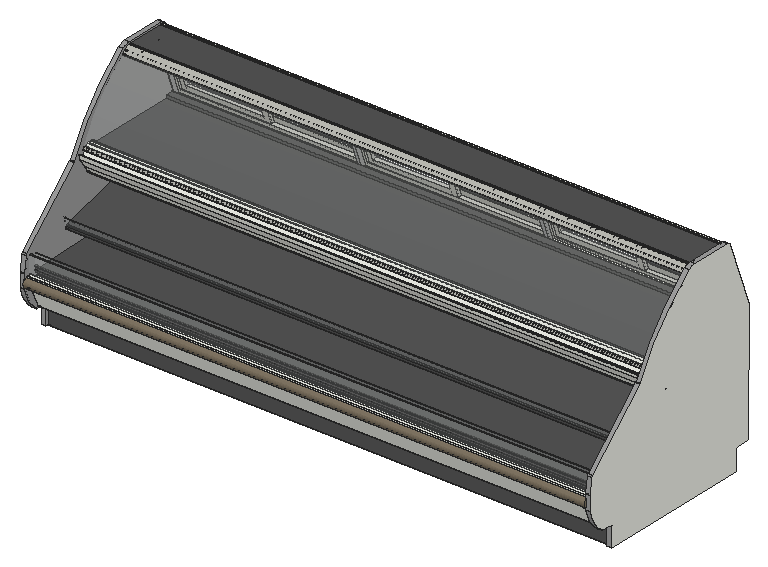
Revit family "CR3H-HF_2014", category Specialty Equipment, Revit 2014
Parameters (values of type "12'-0" Length")
  Width = 144"
  Waste Drain = 1 1/2"  # constant formula
  Upper Drain = if(Width = 48", 32", if(Width = 60", 44", if(Width = 72", 44", if(Width = 96", 56", if(Width = 120", 56", if(Width = 144", 77", 0"))))))  # 77"
  URL = "www.hussmann.com"
  Type Comments = "Chino"  # constant formula
  Trim = Stainless Steel
  Total Weight = Case Weight + (2 * End Weight)  # 0.00 lbf
  Splashguard = Textured Sheet Metal (Steel Painted) - 701 Black
  Side Panel - Right [instance] = yes
  Side Panel - Left [instance] = yes
  Shelves = Sheet Metal (Steel Painted) - 701 Black
  Revit Family Date = "04/22/2016"  # constant formula
  Refrigeration Lines Suction = 5/8"  # constant formula
  Refrigeration Lines Liquid = 3/8"  # constant formula
  Refrig. Suction = "Suction"
  Refrig. Liquid = "Liquid"
  Number of Supports = if(Width < 70", 2, if(Width < 140", 3, 4))  # 4
  Note from Manufacturer = "This model only comes in 4'-0\", 5'-0\", 6'-0\", 8'-0\", 10'-0\" and 12'-0\" lengths."
  Model URL = "http://www.hussmann.com/en/product%20viewer/display-cases/R3H,%20CR3H,%20R3H-HF,%20CR3H-HF"
  Model = "CR3H-HF"  # constant formula
  Manufacturer Disclaimer = "The information in this file is not intended to be an exact representation of the corresponding Hussmann product.  Further, we reserve the right to change or revise specifications and product design in connection with any feature of our products. Such changes do not entitle the buyer to corresponding changes, improvements, additions, or replacements for equipment previously sold or shipped."  # constant formula
  Manufacturer = "Hussmann Corporation"  # constant formula
  Lower Drain = if(Width = 48", 7", if(Width = 60", 41", if(Width = 72", 41", if(Width = 96", 53", if(Width = 120", 53", if(Width = 144", 65", 0"))))))  # 65"
  Height = 53 1/4"  # constant formula
  Glazing = Glass
  Ends = Textured Sheet Metal (Steel Painted) - 149 White Satin Matte
  End Weight = 0.00 lbf  # constant formula
  Door Frame = Plastic - 144 Mist Gray
  Description = "Hot Service Merchandiser with Self-Service Hot Front - Curved Glass"  # constant formula
  Depth = 51 1/8"  # constant formula
  Cutsheet URL = "http://www.hussmann.com/en/Technical%20Documents/R3H-HF_ds_En.pdf"
  Case Weight = if(Width = 48", 0.00 lbf, if(Width = 60", 0.00 lbf, if(Width = 72", 0.00 lbf, if(Width = 96", 0.00 lbf, if(Width = 120", 0.00 lbf, if(Width = 144", 0.00 lbf, 0.00 lbf))))))  # 0.00 lbf
  Case Interior - Side Panel = Stainless Steel
  Case Interior - Back Panel = Stainless Steel
  Case = Textured Sheet Metal (Steel Painted) - 149 White Satin Matte
  Bumper = Extruded PVC - 747 Chocolate Brown
  Assembly Code = ""
  Accessories/Options = ""
  8 Case = Width = 96"  # no
  6 Case = Width = 72"  # no
  5 Case = Width = 60"  # no
  4 Case = Width = 48"  # no
  12 Case = Width = 144"  # yes
  10 Case = Width = 120"  # no
Reference planes (in)
  plane 1 "Back": y = 0
  plane 2 "Bottom": z = 0
  plane 3 "Left": x = -77.30699
  plane 4 "Center (Left/Right)": x = -5.30699
  plane 5: x = -78.43199
  plane 6 "Right": x = 66.69301
  plane 7: x = 67.81801
  plane 8: z = 53.25
  plane 9: y = -51.125
Forms (in)
  Extrusion 1, solid, material "Metal - Copper"
    sketch origin (63.0625, 1.04319, 0) x (1, 0, 0) y (0, 1, 0)
      loop
        arc (-76.49449, -39.16819) -> (-77.02482, -39.38786) -> (-77.24449, -39.91819) r 0.75
        arc (-77.24449, -39.91819) -> (-77.02482, -40.44852) -> (-76.49449, -40.66819) r 0.75
        arc (-76.49449, -40.66819) -> (-75.96416, -40.44852) -> (-75.74449, -39.91819) r 0.75
        arc (-75.74449, -39.91819) -> (-75.96416, -39.38786) -> (-76.49449, -39.16819) r 0.75
      loop
        circle (-76.49449, -39.91819) r 0.7102
    from 5.98508 to 0
  Extrusion 2, solid, material "Metal - Copper"
    sketch origin (57.40105, 5, -0.375) x (1, 0, 0) y (0, 1, 0)
      loop
        circle (2.97946, -42.125) r 0.28859
      loop
        circle (2.97946, -42.125) r 0.3125
    from 6.36008 to 0.375
  Extrusion 3, solid, material "Metal - Copper"
    sketch origin (59.82608, 5, -0.375) x (1, 0, 0) y (0, 1, 0)
      loop
        circle (1.05443, -42.125) r 0.17188
      loop
        circle (1.05443, -42.125) r 0.1875
    from 6.36008 to 0.375
  Extrusion 4, solid, material "Textured Sheet Metal (Steel Painted) - 149 White Satin Matte" <- "Case"
    sketch origin (-5.30699, 0, 0) x (0, 1, 0) y (0, 0, 1)
      loop
        line (-33.36568, 34.61012) -> (-33.04856, 33.47902) -> (-31.7032, 31.45909) -> (-31.64948, 31.49094) -> (-30.7947, 30.01115) -> (-30.8313, 29.99002) -> (-30.69968, 29.76205)
        arc (-30.69968, 29.76205) -> (-30.66021, 29.73177) -> (-30.61089, 29.73826) r 0.065
        line (-30.61089, 29.73826) -> (-29.77517, 30.22076)
        arc (-29.77517, 30.22076) -> (-29.74489, 30.26023) -> (-29.75138, 30.30955) r 0.065
        line (-29.75138, 30.30955) -> (-29.85311, 30.48575)
        arc (-29.85311, 30.48575) -> (-29.85611, 30.50851) -> (-29.84213, 30.52673) r 0.03
        line (-29.84213, 30.52673) -> (-29.62575, 30.65165) -> (-28.74969, 30.65165) -> (-27.92081, 30.17255) -> (-25.08971, 27.77832)
        arc (-25.08971, 27.77832) -> (-25.07009, 27.76692) -> (-25.04774, 27.76295) r 0.065
        line (-25.04774, 27.76295) -> (-22.46115, 27.76295) -> (-21.49557, 26.79737) -> (-21.49557, 24.19301) -> (-21.62938, 23.48803)
        arc (-21.62938, 23.48803) -> (-21.57491, 23.41154) -> (-21.50086, 23.46931) r 0.065
        line (-21.50086, 23.46931) -> (-21.46057, 23.8667) -> (-21.46057, 24.58807) -> (-21.33057, 24.58807) -> (-21.33057, 28.20482) -> (-18.84907, 28.20482) -> (-18.84907, 11.22133) -> (-19.81272, 11.22133) -> (-19.81272, 10.98732) -> (-18.87522, 10.98732) -> (-18.87522, 8.47125) -> (-19.73888, 7.60758) -> (-46.22046, 7.60758) -> (-46.22046, 12.7762) -> (-45.17822, 12.7762) -> (-45.17822, 12.67958) -> (-45.24855, 12.4171) -> (-45.18818, 12.40092) -> (-45.11572, 12.67135) -> (-45.11572, 12.89308) -> (-45.05761, 12.89308) -> (-45.05761, 13.23808)
        arc (-45.05761, 13.23808) -> (-45.08455, 13.30313) -> (-45.14961, 13.33008) r 0.092
        line (-45.14961, 13.33008) -> (-45.49461, 13.33008) -> (-45.49461, 13.92649)
        arc (-45.49461, 13.92649) -> (-45.52155, 13.99154) -> (-45.58661, 14.01849) r 0.092
        line (-45.58661, 14.01849) -> (-46.52861, 14.01849)
        arc (-46.52861, 14.01849) -> (-46.59366, 13.99154) -> (-46.62061, 13.92649) r 0.092
        line (-46.62061, 13.92649) -> (-46.62061, 13.33008) -> (-47.05761, 13.33008) -> (-47.05761, 13.26808) -> (-48.3586, 13.26808) -> (-48.67961, 13.58908) -> (-48.67961, 13.96008) -> (-48.74211, 13.96008) -> (-48.74211, 13.11258) -> (-49.22954, 13.11258) -> (-49.22954, 14.20466)
        arc (-49.22954, 14.20466) -> (-49.25663, 14.27007) -> (-49.32204, 14.29716) r 0.0925
        line (-49.32204, 14.29716) -> (-50.0338, 14.29716)
        arc (-50.0338, 14.29716) -> (-50.09921, 14.27007) -> (-50.1263, 14.20466) r 0.0925
        line (-50.1263, 14.20466) -> (-50.1263, 11.58133)
        arc (-50.1263, 11.58133) -> (-50.09921, 11.51592) -> (-50.0338, 11.48883) r 0.0925
        line (-50.0338, 11.48883) -> (-49.07381, 11.48883) -> (-46.41679, 5.77636)
        arc (-46.41679, 5.77636) -> (-46.35508, 5.73883) -> (-46.29679, 5.78148) r 0.065
        line (-46.29679, 5.78148) -> (-46.22246, 5.98508) -> (-3.85387, 5.98508) -> (-3.85387, 5.91108) -> (-3.07295, 5.91108)
        arc (-3.07295, 5.91108) -> (-3.03315, 5.91899) -> (-2.99941, 5.94154) r 0.104
        line (-2.99941, 5.94154) -> (-2.31033, 6.63062)
        arc (-2.31033, 6.63062) -> (-2.28779, 6.66436) -> (-2.27987, 6.70416) r 0.104
        line (-2.27987, 6.70416) -> (-2.27987, 7.41108) -> (-0.92787, 7.41108) -> (-0.92787, 6.49062) -> (-1.0286, 5.91937)
        arc (-1.0286, 5.91937) -> (-1.01438, 5.8663) -> (-0.96459, 5.84308) r 0.065
        line (-0.96459, 5.84308) -> (-0.33657, 5.84308)
        arc (-0.33657, 5.84308) -> (-0.29061, 5.86212) -> (-0.27157, 5.90808) r 0.065
        line (-0.27157, 5.90808) -> (-0.27157, 7.54708) -> (-18.65057, 7.54708) -> (-18.65057, 28.41908) -> (-0.20665, 28.41908) -> (-0.20665, 35.15451) -> (-0.27598, 35.41322) -> (-0.062, 35.41322) -> (-0.062, 35.28806) -> (-0.08379, 35.03772) -> (-0.02202, 35.03232) -> (0, 35.28405) -> (0, 35.91542)
        arc (0, 35.91542) -> (-0.0014, 35.9314) -> (-0.00555, 35.94689) r 0.092
        line (-0.00555, 35.94689) -> (-0.11802, 36.2559)
        arc (-0.11802, 36.2559) -> (-0.16559, 36.30782) -> (-0.23594, 36.31089) r 0.092
        line (-0.23594, 36.31089) -> (-2.27433, 35.56897) -> (-4.51597, 35.56897)
        arc (-4.51597, 35.56897) -> (-4.57511, 35.54745) -> (-4.60657, 35.49295) r 0.092
        line (-4.60657, 35.49295) -> (-4.70058, 34.95983) -> (-4.63952, 34.94906) -> (-4.54551, 35.48218)
        arc (-4.54551, 35.48218) -> (-4.53525, 35.49995) -> (-4.51597, 35.50697) r 0.03
        line (-4.51597, 35.50697) -> (-2.98133, 35.50697) -> (-2.94721, 35.41322) -> (-3.2434, 35.41322)
        arc (-3.2434, 35.41322) -> (-3.31694, 35.38276) -> (-3.3474, 35.30922) r 0.104
        line (-3.3474, 35.30922) -> (-3.3474, 34.77931) -> (-26.31188, 34.77931)
        arc (-26.31188, 34.77931) -> (-26.33441, 34.85188) -> (-26.40369, 34.88308) r 0.0925
        line (-26.40369, 34.88308) -> (-29.81917, 34.88308) -> (-29.81917, 35.15653) -> (-29.81917, 36.32406)
        arc (-29.81917, 36.32406) -> (-29.8382, 36.37002) -> (-29.88417, 36.38906) r 0.065
        line (-29.88417, 36.38906) -> (-30.59463, 36.38906)
        arc (-30.59463, 36.38906) -> (-30.62338, 36.38236) -> (-30.6462, 36.36363) r 0.065
        line (-30.6462, 36.36363) -> (-31.5477, 35.18877) -> (-31.50775, 35.15812) -> (-32.26162, 34.17566)
        arc (-32.26162, 34.17566) -> (-32.27842, 34.16475) -> (-32.29834, 34.16684) r 0.03
        line (-32.29834, 34.16684) -> (-33.08729, 34.5431) -> (-33.06355, 34.60387) -> (-33.27944, 34.68821)
        arc (-33.27944, 34.68821) -> (-33.34673, 34.67585) -> (-33.36568, 34.61012) r 0.065
      loop
        line (-7.7013, 52.90428) -> (-17.15757, 52.90428) -> (-17.15757, 50.81867) -> (-15.27268, 50.81867)
        arc (-15.27268, 50.81867) -> (-15.31864, 50.79963) -> (-15.33768, 50.75367) r 0.065
        line (-15.33768, 50.75367) -> (-15.33768, 49.56367)
        arc (-15.33768, 49.56367) -> (-15.31864, 49.51771) -> (-15.27268, 49.49867) r 0.065
        line (-15.27268, 49.49867) -> (-14.92768, 49.49867) -> (-14.92768, 49.53609)
        arc (-14.92768, 49.53609) -> (-14.89911, 49.53742) -> (-14.88107, 49.55961) r 0.035
        line (-14.88107, 49.55961) -> (-14.67768, 50.31867) -> (-13.55268, 50.31867) -> (-13.34925, 49.55947)
        arc (-13.34925, 49.55947) -> (-13.33673, 49.54086) -> (-13.31548, 49.53367) r 0.035
        line (-13.31548, 49.53367) -> (-12.94048, 49.53367) -> (-12.94048, 49.57098)
        arc (-12.94048, 49.57098) -> (-12.90599, 49.59425) -> (-12.89268, 49.63367) r 0.065
        line (-12.89268, 49.63367) -> (-12.89268, 50.75367)
        arc (-12.89268, 50.75367) -> (-12.91172, 50.79963) -> (-12.95768, 50.81867) r 0.065
        line (-12.95768, 50.81867) -> (-8.18319, 50.81867) -> (-8.3657, 50.31723)
        arc (-8.3657, 50.31723) -> (-8.3631, 50.25759) -> (-8.31908, 50.21726) r 0.078
        line (-8.31908, 50.21726) -> (-7.21684, 49.81607)
        arc (-7.21684, 49.81607) -> (-7.19016, 49.81137) -> (-7.16349, 49.81607) r 0.078
        line (-7.16349, 49.81607) -> (-5.87825, 50.28386)
        arc (-5.87825, 50.28386) -> (-5.83424, 50.32419) -> (-5.83163, 50.38383) r 0.078
        arc (-5.83163, 50.38383) -> (-5.78406, 50.33192) -> (-5.71372, 50.32885) r 0.092
        line (-5.71372, 50.32885) -> (-5.41208, 50.43863)
        arc (-5.41208, 50.43863) -> (-5.36016, 50.4862) -> (-5.35709, 50.55655) r 0.092
        line (-5.35709, 50.55655) -> (-6.30348, 53.15672)
        arc (-6.30348, 53.15672) -> (-6.41404, 53.30081) -> (-6.58726, 53.35543) r 0.302
        line (-6.58726, 53.35543) -> (-7.1713, 53.35543)
        arc (-7.1713, 53.35543) -> (-7.23635, 53.32848) -> (-7.2633, 53.26343) r 0.092
        line (-7.2633, 53.26343) -> (-7.2633, 52.98303) -> (-7.6233, 52.98303)
        arc (-7.6233, 52.98303) -> (-7.67872, 52.95992) -> (-7.7013, 52.90428) r 0.078
    from 72 to -72
  Extrusion 5, solid, material "Sheet Metal (Steel Painted) - 701 Black" <- "Shelves"
    sketch origin (-5.30699, 0, 0) x (0, 1, 0) y (0, 0, 1)
      loop
        line (-47.36712, 14.45678) -> (-47.35245, 14.00005) -> (-20.77257, 14.85426) -> (-20.77257, 24.58807) -> (-21.46057, 24.58807) -> (-21.46057, 15.32437) -> (-47.36825, 14.49176)
        arc (-47.36825, 14.49176) -> (-47.38973, 14.49986) -> (-47.3992, 14.52078) r 0.03
        line (-47.3992, 14.52078) -> (-47.43035, 15.49028)
        arc (-47.43035, 15.49028) -> (-47.50306, 15.55273) -> (-47.55894, 15.47486) r 0.065
        line (-47.55894, 15.47486) -> (-47.48857, 15.13915) -> (-47.45432, 15.14633) -> (-47.43418, 14.51966)
        arc (-47.43418, 14.51966) -> (-47.41367, 14.47433) -> (-47.36712, 14.45678) r 0.065
    from 72 to -72
  Extrusion 6, solid, material "Sheet Metal (Steel Painted) - 701 Black" <- "Shelves"
    sketch origin (-5.30699, 0, 0) x (0, 1, 0) y (0, 0, 1)
      loop
        arc (-37.37591, 20.55304) -> (-37.41386, 20.52392) -> (-37.4201, 20.4765) r 0.0625
        line (-37.4201, 20.4765) -> (-37.20032, 19.65628) -> (-37.45375, 19.58853) -> (-37.62233, 20.31883) -> (-37.68275, 20.30488) -> (-37.51403, 19.5741)
        arc (-37.51403, 19.5741) -> (-37.48555, 19.53491) -> (-37.43757, 19.52816) r 0.062
        line (-37.43757, 19.52816) -> (-36.59239, 19.75463) -> (-36.60996, 19.82019)
        arc (-36.60996, 19.82019) -> (-36.5977, 19.83875) -> (-36.59726, 19.86099) r 0.04
        line (-36.59726, 19.86099) -> (-36.77098, 20.52878) -> (-35.92628, 20.75209) -> (-35.88731, 20.60665) -> (-35.804, 20.62897)
        arc (-35.804, 20.62897) -> (-35.77744, 20.62547) -> (-35.76113, 20.60422) r 0.035
        line (-35.76113, 20.60422) -> (-35.68092, 20.30489)
        arc (-35.68092, 20.30489) -> (-35.66826, 20.27965) -> (-35.64666, 20.26146) r 0.07
        line (-35.64666, 20.26146) -> (-35.12588, 19.97927)
        arc (-35.12588, 19.97927) -> (-35.04917, 19.98586) -> (-35.02491, 20.05893) r 0.07
        line (-35.02491, 20.05893) -> (-35.07702, 20.25341) -> (-21.79848, 23.74887)
        arc (-21.79848, 23.74887) -> (-21.76053, 23.77799) -> (-21.75428, 23.82542) r 0.0625
        line (-21.75428, 23.82542) -> (-21.9484, 24.54987)
        arc (-21.9484, 24.54987) -> (-21.97752, 24.58782) -> (-22.02494, 24.59406) r 0.0625
        line (-22.02494, 24.59406) -> (-37.37591, 20.55304)
    from 72 to -72
  Extrusion 7, solid, material "Glass" <- "Glazing"
    sketch origin (-5.30699, 0, 0) x (0, 1, 0) y (0, 0, 1)
      loop
        line (-38.15322, 22.24812) -> (-37.44146, 19.59182) -> (-37.19994, 19.65639) -> (-37.91173, 22.31283)
        arc (-37.91173, 22.31283) -> (-38.06483, 22.40122) -> (-38.15322, 22.24812) r 0.125
    from 72 to -72
  Extrusion 8, solid, material "Glass" <- "Glazing"
    sketch origin (-5.30699, 0.25, 0) x (0, 1, 0) y (0, 0, 1)
      loop
        line (-49.47954, 18.6907) -> (-49.47954, 13.11258) -> (-48.99211, 13.11258) -> (-48.99211, 18.61243)
        arc (-48.99211, 18.61243) -> (-49.20247, 18.85926) -> (-49.47954, 18.6907) r 0.25
    from 72 to -72
  Extrusion 9, solid, material "Extruded PVC - 747 Chocolate Brown" <- "Bumper"
    sketch origin (-5.30699, 0.25, 0) x (0, 1, 0) y (0, 0, 1)
      loop
        arc (-50.3763, 13.97878) -> (-51.3763, 12.72878) -> (-50.3763, 11.47878) r 1.28125
        line (-50.3763, 11.47878) -> (-50.3763, 13.97878)
    from 72 to -72
  Extrusion 10, solid, material "Sheet Metal (Steel Painted) - 701 Black" <- "Shelves"
    sketch origin (-5.30699, 0, 0) x (0, 1, 0) y (0, 0, 1)
      loop
        line (-7.38303, 53.29798) -> (-17.05429, 53.29798) -> (-17.09366, 53.25861) -> (-17.09366, 53.02831) -> (-16.98879, 52.90767) -> (-16.79783, 52.90767) -> (-16.73329, 52.98302) -> (-7.38303, 52.98302) -> (-7.34366, 53.02239) -> (-7.34366, 53.25861) -> (-7.38303, 53.29798)
    from 72 to -72
  Extrusion 11, solid, material "Plastic - 144 Mist Gray" <- "Door Frame"
    sketch origin (-5.30699, 0, 0) x (0, 1, 0) y (0, 0, 1)
      loop
        arc (-17.49697, 53.1507) -> (-18.54539, 52.68834) -> (-19.29571, 51.82233) r 2.61653
        arc (-19.29571, 51.82233) -> (-19.29445, 51.78042) -> (-19.25613, 51.76342) r 0.03937
        line (-19.25613, 51.76342) -> (-18.51624, 52.31424)
        arc (-18.51624, 52.31424) -> (-18.45713, 52.32888) -> (-18.40525, 52.29699) r 0.07874
        line (-18.40525, 52.29699) -> (-18.34364, 52.21115) -> (-18.47144, 52.20306) -> (-18.52318, 52.0834) -> (-18.46607, 52.00655)
        arc (-18.46607, 52.00655) -> (-18.45877, 51.97699) -> (-18.47474, 51.95106) r 0.03937
        line (-18.47474, 51.95106) -> (-19.08152, 51.51636)
        arc (-19.08152, 51.51636) -> (-19.10548, 51.47747) -> (-19.09453, 51.43313) r 0.05906
        line (-19.09453, 51.43313) -> (-19.0247, 51.33916)
        arc (-19.0247, 51.33916) -> (-19.01177, 51.33143) -> (-18.99716, 51.33511) r 0.01968
        line (-18.99716, 51.33511) -> (-18.85771, 51.43873) -> (-18.46135, 50.90539)
        arc (-18.46135, 50.90539) -> (-18.36955, 50.82255) -> (-18.25293, 50.78144) r 0.31496
        line (-18.25293, 50.78144) -> (-17.55726, 50.68243)
        arc (-17.55726, 50.68243) -> (-16.71595, 50.65724) -> (-15.88988, 50.81867) r 3.78388
        line (-15.88988, 50.81867) -> (-17.15757, 50.81867) -> (-17.15757, 52.90428) -> (-16.98584, 52.90428) -> (-17.05429, 52.98302) -> (-17.15757, 52.98302) -> (-17.15757, 53.25468)
        arc (-17.15757, 53.25468) -> (-17.16334, 53.2686) -> (-17.17726, 53.27436) r 0.01969
        line (-17.17726, 53.27436) -> (-17.25732, 53.27436)
        arc (-17.25732, 53.27436) -> (-17.42938, 53.04596) -> (-17.51513, 52.77317) r 0.84252
        line (-17.51513, 52.77317) -> (-17.59951, 52.73458)
        arc (-17.59951, 52.73458) -> (-17.55933, 52.93486) -> (-17.47617, 53.12143) r 0.9252
        arc (-17.47617, 53.12143) -> (-17.47711, 53.14278) -> (-17.49697, 53.1507) r 0.01969
      loop
        line (-31.87752, 36.07762) -> (-32.16562, 35.41886)
        arc (-32.16562, 35.41886) -> (-32.16655, 35.37142) -> (-32.13366, 35.33722) r 0.062
        line (-32.13366, 35.33722) -> (-31.90583, 35.23932)
        arc (-31.90583, 35.23932) -> (-31.85882, 35.23852) -> (-31.82477, 35.27094) r 0.062
        line (-31.82477, 35.27094) -> (-31.81081, 35.30212)
        arc (-31.81081, 35.30212) -> (-31.77657, 35.33462) -> (-31.72938, 35.33359) r 0.062
        line (-31.72938, 35.33359) -> (-31.66062, 35.30352)
        arc (-31.66062, 35.30352) -> (-31.60412, 35.35531) -> (-31.62151, 35.42996) r 0.07595
        line (-31.62151, 35.42996) -> (-31.59869, 35.48241) -> (-31.44325, 35.32489) -> (-31.31043, 35.49799) -> (-31.47165, 35.76115)
        arc (-31.47165, 35.76115) -> (-31.40993, 35.80155) -> (-31.41091, 35.87531) r 0.07661
        line (-31.41091, 35.87531) -> (-31.56422, 35.94129)
        arc (-31.56422, 35.94129) -> (-31.58311, 35.9432) -> (-31.59957, 35.93374) r 0.031
        arc (-31.59957, 35.93374) -> (-31.7414, 35.61455) -> (-31.88043, 35.29414) r 40
        line (-31.88043, 35.29414) -> (-32.10949, 35.39432)
        arc (-32.10949, 35.39432) -> (-31.96634, 35.72409) -> (-31.82025, 36.05257) r 40.25
        line (-31.82025, 36.05257) -> (-31.87752, 36.07762)
    from 72 to -72
  Extrusion 12, solid, material "Textured Sheet Metal (Steel Painted) - 701 Black" <- "Splashguard"
    sketch origin (-5.30699, 0, 0) x (0, 1, 0) y (0, 0, 1)
      loop
        arc (-43.33825, 5.48508) -> (-43.363, 5.47483) -> (-43.37325, 5.45008) r 0.035
        line (-43.37325, 5.45008) -> (-43.37325, 0.02008)
        arc (-43.37325, 0.02008) -> (-43.363, -0.00467) -> (-43.33825, -0.01492) r 0.035
        line (-43.33825, -0.01492) -> (-42.83825, -0.01492)
        arc (-42.83825, -0.01492) -> (-42.8135, -0.00467) -> (-42.80325, 0.02008) r 0.035
        line (-42.80325, 0.02008) -> (-42.80325, 0.39508) -> (-42.88512, 0.39508) -> (-42.88512, 5.07508) -> (-42.80325, 5.07508) -> (-42.80325, 5.45008)
        arc (-42.80325, 5.45008) -> (-42.8135, 5.47483) -> (-42.83825, 5.48508) r 0.035
        line (-42.83825, 5.48508) -> (-43.33825, 5.48508)
      loop
        line (-4.19387, 5.48508) -> (-4.19387, 0.45495) -> (-3.8561, 0.05241) -> (-3.47425, -0.01492) -> (-3.46817, 0.01955) -> (-3.83748, 0.08467) -> (-4.15887, 0.46769) -> (-4.15887, 5.48508) -> (-4.19387, 5.48508)
    from 72 to -72
  Extrusion 13, solid, material "Sheet Metal (Steel Painted) - 701 Black" <- "Shelves"
    sketch origin (-5.30699, 0, 0) x (0, 1, 0) y (0, 0, 1)
      loop
        line (-29.74078, 34.97147) -> (-29.74078, 34.93647) -> (-5.49078, 34.93647) -> (-5.49078, 35.53397)
        arc (-5.49078, 35.53397) -> (-5.46603, 35.54422) -> (-5.45578, 35.56897) r 0.035
        line (-5.45578, 35.56897) -> (-5.45578, 36.31897) -> (-3.33078, 36.31897) -> (-3.07054, 35.60397) -> (-3.57054, 35.60397) -> (-3.57054, 35.56897) -> (-3.07054, 35.56897)
        arc (-3.07054, 35.56897) -> (-3.04185, 35.58394) -> (-3.03769, 35.61603) r 0.035
        line (-3.03769, 35.61603) -> (-3.29789, 36.33094)
        arc (-3.29789, 36.33094) -> (-3.31071, 36.34764) -> (-3.33078, 36.35397) r 0.035
        line (-3.33078, 36.35397) -> (-5.45578, 36.35397)
        arc (-5.45578, 36.35397) -> (-5.48053, 36.34372) -> (-5.49078, 36.31897) r 0.035
        line (-5.49078, 36.31897) -> (-5.49078, 35.56897) -> (-29.30328, 35.56897) -> (-29.30328, 35.91762) -> (-29.26845, 35.91457) -> (-29.23379, 36.31071)
        arc (-29.23379, 36.31071) -> (-29.28354, 36.37007) -> (-29.33828, 36.31528) r 0.0525
        line (-29.33828, 36.31528) -> (-29.33828, 35.56897)
        arc (-29.33828, 35.56897) -> (-29.32803, 35.54422) -> (-29.30328, 35.53397) r 0.035
        line (-29.30328, 35.53397) -> (-29.74078, 34.97147)
    from 72 to -72
  Extrusion 14, solid, material "Glass" <- "Glazing"
    sketch origin (-5.30699, 0, 0) x (0, 1, 0) y (0, 0, 1)
      loop
        line (-18.51005, 51.97852) -> (-18.65626, 52.18131)
        arc (-18.65626, 52.18131) -> (-26.52546, 44.70291) -> (-32.10984, 35.39349) r 40.25
        line (-32.10984, 35.39349) -> (-31.88007, 35.29497)
        arc (-31.88007, 35.29497) -> (-26.33037, 44.54657) -> (-18.51005, 51.97852) r 40
    from 72 to -72
  Extrusion 15, solid, material "Metal - Copper"
    sketch origin (-56.6875, 24.04319, 0) x (1, 0, 0) y (0, 1, 0)
      loop
        arc (56.38051, -40.66819) -> (55.85018, -40.88786) -> (55.63051, -41.41819) r 0.75
        arc (55.63051, -41.41819) -> (55.85018, -41.94852) -> (56.38051, -42.16819) r 0.75
        arc (56.38051, -42.16819) -> (56.91084, -41.94852) -> (57.13051, -41.41819) r 0.75
        arc (57.13051, -41.41819) -> (56.91084, -40.88786) -> (56.38051, -40.66819) r 0.75
      loop
        circle (56.38051, -41.41819) r 0.7102
    from 5.98508 to 0
  Extrusion 16, solid, material "Glass" <- "Glazing"
    sketch origin (-5.30699, 0.25, 0) x (0, 1, 0) y (0, 0, 1)
      loop
        line (-47.77768, 18.51872) -> (-47.6492, 14.52078) -> (-47.39933, 14.52881) -> (-47.52781, 18.52675) -> (-47.77768, 18.51872)
    from 72 to -72
  Extrusion 17, solid, material "Stainless Steel" <- "Case Interior - Back Panel", visible <- "12 Case"
    sketch origin (-77.30699, 0, 0) x (0, 1, 0) y (0, 0, 1)
      loop
        line (-3.0039, 35.56897) -> (-2.27433, 35.56897) -> (-0.17956, 36.33141) -> (-5.4525, 50.81867) -> (-8.55461, 50.81867) -> (-3.0039, 35.56897)
    from 144 to 143.5
  Extrusion 18, solid, material "Stainless Steel" <- "Case Interior - Back Panel", visible <- "12 Case"
    sketch origin (-77.30699, 0, 0) x (0, 1, 0) y (0, 0, 1)
      loop
        line (-3.0039, 35.56897) -> (-2.27433, 35.56897) -> (-0.17956, 36.33141) -> (-5.4525, 50.81867) -> (-8.55461, 50.81867) -> (-3.0039, 35.56897)
    from 96.5 to 95.5
  Extrusion 19, solid, material "Stainless Steel" <- "Case Interior - Back Panel", visible <- "12 Case"
    sketch origin (-77.30699, 0, 0) x (0, 1, 0) y (0, 0, 1)
      loop
        line (-3.0039, 35.56897) -> (-2.27433, 35.56897) -> (-0.17956, 36.33141) -> (-5.4525, 50.81867) -> (-8.55461, 50.81867) -> (-3.0039, 35.56897)
    from 48.5 to 47.5
  Extrusion 20, solid, material "Stainless Steel" <- "Case Interior - Back Panel", visible <- "12 Case"
    sketch origin (-77.30699, 0, 0) x (0, 1, 0) y (0, 0, 1)
      loop
        line (-3.0039, 35.56897) -> (-2.27433, 35.56897) -> (-0.17956, 36.33141) -> (-5.4525, 50.81867) -> (-8.55461, 50.81867) -> (-3.0039, 35.56897)
    from 0.5 to 0
  Extrusion 21, solid, material "Stainless Steel" <- "Case Interior - Back Panel", visible <- "12 Case", not visible
    sketch origin (-77.30699, 0, 0) x (0, 1, 0) y (0, 0, 1)
      loop
        line (-3.0039, 35.56897) -> (-2.27433, 35.56897) -> (-0.17956, 36.33141) -> (-5.4525, 50.81867) -> (-8.55461, 50.81867) -> (-3.0039, 35.56897)
    from 144 to 143.5
  Extrusion 22, solid, material "Stainless Steel" <- "Case Interior - Back Panel", visible <- "12 Case", not visible
    sketch origin (-77.30699, 0, 0) x (0, 1, 0) y (0, 0, 1)
      loop
        line (-3.0039, 35.56897) -> (-2.27433, 35.56897) -> (-0.17956, 36.33141) -> (-5.4525, 50.81867) -> (-8.55461, 50.81867) -> (-3.0039, 35.56897)
    from 96.5 to 95.5
  Extrusion 23, solid, material "Stainless Steel" <- "Case Interior - Back Panel", visible <- "12 Case", not visible
    sketch origin (-77.30699, 0, 0) x (0, 1, 0) y (0, 0, 1)
      loop
        line (-3.0039, 35.56897) -> (-2.27433, 35.56897) -> (-0.17956, 36.33141) -> (-5.4525, 50.81867) -> (-8.55461, 50.81867) -> (-3.0039, 35.56897)
    from 48.5 to 47.5
  Extrusion 24, solid, material "Stainless Steel" <- "Case Interior - Back Panel", visible <- "12 Case", not visible
    sketch origin (-77.30699, 0, 0) x (0, 1, 0) y (0, 0, 1)
      loop
        line (-3.0039, 35.56897) -> (-2.27433, 35.56897) -> (-0.17956, 36.33141) -> (-5.4525, 50.81867) -> (-8.55461, 50.81867) -> (-3.0039, 35.56897)
    from 0.5 to 0
  Extrusion 25, solid, material "Stainless Steel" <- "Case Interior - Back Panel", visible <- "10 Case"
    sketch origin (-77.30699, 0, 0) x (0, 1, 0) y (0, 0, 1)
      loop
        line (-3.0039, 35.56897) -> (-2.27433, 35.56897) -> (-0.17956, 36.33141) -> (-5.4525, 50.81867) -> (-8.55461, 50.81867) -> (-3.0039, 35.56897)
    from 120 to 119.5
  Extrusion 26, solid, material "Stainless Steel" <- "Case Interior - Back Panel", visible <- "10 Case"
    sketch origin (-77.30699, 0, 0) x (0, 1, 0) y (0, 0, 1)
      loop
        line (-3.0039, 35.56897) -> (-2.27433, 35.56897) -> (-0.17956, 36.33141) -> (-5.4525, 50.81867) -> (-8.55461, 50.81867) -> (-3.0039, 35.56897)
    from 60.5 to 59.5
  Extrusion 27, solid, material "Stainless Steel" <- "Case Interior - Back Panel", visible <- "10 Case"
    sketch origin (-77.30699, 0, 0) x (0, 1, 0) y (0, 0, 1)
      loop
        line (-3.0039, 35.56897) -> (-2.27433, 35.56897) -> (-0.17956, 36.33141) -> (-5.4525, 50.81867) -> (-8.55461, 50.81867) -> (-3.0039, 35.56897)
    from 0.5 to 0
  Extrusion 28, solid, material "Stainless Steel" <- "Case Interior - Back Panel", visible <- "10 Case", not visible
    sketch origin (-170.99499, 0, 0) x (0, 1, 0) y (0, 0, 1)
      loop
        line (-3.0039, 35.56897) -> (-2.27433, 35.56897) -> (-0.17956, 36.33141) -> (-5.4525, 50.81867) -> (-8.55461, 50.81867) -> (-3.0039, 35.56897)
    from 120 to 119.5
  Extrusion 29, solid, material "Stainless Steel" <- "Case Interior - Back Panel", visible <- "10 Case", not visible
    sketch origin (-170.99499, 0, 0) x (0, 1, 0) y (0, 0, 1)
      loop
        line (-3.0039, 35.56897) -> (-2.27433, 35.56897) -> (-0.17956, 36.33141) -> (-5.4525, 50.81867) -> (-8.55461, 50.81867) -> (-3.0039, 35.56897)
    from 60.5 to 59.5
  Extrusion 30, solid, material "Stainless Steel" <- "Case Interior - Back Panel", visible <- "10 Case", not visible
    sketch origin (-170.99499, 0, 0) x (0, 1, 0) y (0, 0, 1)
      loop
        line (-3.0039, 35.56897) -> (-2.27433, 35.56897) -> (-0.17956, 36.33141) -> (-5.4525, 50.81867) -> (-8.55461, 50.81867) -> (-3.0039, 35.56897)
    from 0.5 to 0
  Extrusion 31, solid, material "Stainless Steel" <- "Case Interior - Back Panel", visible <- "8 Case"
    sketch origin (-77.30699, 0, 0) x (0, 1, 0) y (0, 0, 1)
      loop
        line (-3.0039, 35.56897) -> (-2.27433, 35.56897) -> (-0.17956, 36.33141) -> (-5.4525, 50.81867) -> (-8.55461, 50.81867) -> (-3.0039, 35.56897)
    from 96 to 95.5
  Extrusion 32, solid, material "Stainless Steel" <- "Case Interior - Back Panel", visible <- "8 Case"
    sketch origin (-77.30699, 0, 0) x (0, 1, 0) y (0, 0, 1)
      loop
        line (-3.0039, 35.56897) -> (-2.27433, 35.56897) -> (-0.17956, 36.33141) -> (-5.4525, 50.81867) -> (-8.55461, 50.81867) -> (-3.0039, 35.56897)
    from 48.5 to 47.5
  Extrusion 33, solid, material "Stainless Steel" <- "Case Interior - Back Panel", visible <- "8 Case"
    sketch origin (-77.30699, 0, 0) x (0, 1, 0) y (0, 0, 1)
      loop
        line (-3.0039, 35.56897) -> (-2.27433, 35.56897) -> (-0.17956, 36.33141) -> (-5.4525, 50.81867) -> (-8.55461, 50.81867) -> (-3.0039, 35.56897)
    from 0.5 to 0
  Extrusion 34, solid, material "Stainless Steel" <- "Case Interior - Back Panel", visible <- "8 Case", not visible
    sketch origin (-77.30699, 0, 0) x (0, 1, 0) y (0, 0, 1)
      loop
        line (-3.0039, 35.56897) -> (-2.27433, 35.56897) -> (-0.17956, 36.33141) -> (-5.4525, 50.81867) -> (-8.55461, 50.81867) -> (-3.0039, 35.56897)
    from 96 to 95.5
  Extrusion 35, solid, material "Stainless Steel" <- "Case Interior - Back Panel", visible <- "8 Case", not visible
    sketch origin (-77.30699, 0, 0) x (0, 1, 0) y (0, 0, 1)
      loop
        line (-3.0039, 35.56897) -> (-2.27433, 35.56897) -> (-0.17956, 36.33141) -> (-5.4525, 50.81867) -> (-8.55461, 50.81867) -> (-3.0039, 35.56897)
    from 48.5 to 47.5
  Extrusion 36, solid, material "Stainless Steel" <- "Case Interior - Back Panel", visible <- "8 Case", not visible
    sketch origin (-77.30699, 0, 0) x (0, 1, 0) y (0, 0, 1)
      loop
        line (-3.0039, 35.56897) -> (-2.27433, 35.56897) -> (-0.17956, 36.33141) -> (-5.4525, 50.81867) -> (-8.55461, 50.81867) -> (-3.0039, 35.56897)
    from 0.5 to 0
  Extrusion 37, solid, material "Stainless Steel" <- "Case Interior - Back Panel", visible <- "6 Case"
    sketch origin (-77.30699, 0, 0) x (0, 1, 0) y (0, 0, 1)
      loop
        line (-3.0039, 35.56897) -> (-2.27433, 35.56897) -> (-0.17956, 36.33141) -> (-5.4525, 50.81867) -> (-8.55461, 50.81867) -> (-3.0039, 35.56897)
    from 72 to 71.5
  Extrusion 38, solid, material "Stainless Steel" <- "Case Interior - Back Panel", visible <- "6 Case"
    sketch origin (-77.30699, 0, 0) x (0, 1, 0) y (0, 0, 1)
      loop
        line (-3.0039, 35.56897) -> (-2.27433, 35.56897) -> (-0.17956, 36.33141) -> (-5.4525, 50.81867) -> (-8.55461, 50.81867) -> (-3.0039, 35.56897)
    from 0.5 to 0
  Extrusion 39, solid, material "Stainless Steel" <- "Case Interior - Back Panel", visible <- "6 Case", not visible
    sketch origin (-72.99499, 10.38492, -11.25191) x (0, 1, 0) y (0, 0, 1)
      loop
        line (-3.0039, 35.56897) -> (-2.27433, 35.56897) -> (-0.17956, 36.33141) -> (-5.4525, 50.81867) -> (-8.55461, 50.81867) -> (-3.0039, 35.56897)
    from 72 to 71.5
  Extrusion 40, solid, material "Stainless Steel" <- "Case Interior - Back Panel", visible <- "6 Case", not visible
    sketch origin (-72.99499, 10.38492, -11.25191) x (0, 1, 0) y (0, 0, 1)
      loop
        line (-3.0039, 35.56897) -> (-2.27433, 35.56897) -> (-0.17956, 36.33141) -> (-5.4525, 50.81867) -> (-8.55461, 50.81867) -> (-3.0039, 35.56897)
    from 0.5 to 0
  Extrusion 41, solid, material "Stainless Steel" <- "Case Interior - Back Panel", visible <- "5 Case"
    sketch origin (-77.30699, 0, 0) x (0, 1, 0) y (0, 0, 1)
      loop
        line (-3.0039, 35.56897) -> (-2.27433, 35.56897) -> (-0.17956, 36.33141) -> (-5.4525, 50.81867) -> (-8.55461, 50.81867) -> (-3.0039, 35.56897)
    from 60 to 59.5
  Extrusion 42, solid, material "Stainless Steel" <- "Case Interior - Back Panel", visible <- "5 Case"
    sketch origin (-77.30699, 0, 0) x (0, 1, 0) y (0, 0, 1)
      loop
        line (-3.0039, 35.56897) -> (-2.27433, 35.56897) -> (-0.17956, 36.33141) -> (-5.4525, 50.81867) -> (-8.55461, 50.81867) -> (-3.0039, 35.56897)
    from 0.5 to 0
  Extrusion 43, solid, material "Stainless Steel" <- "Case Interior - Back Panel", visible <- "5 Case", not visible
    sketch origin (-170.99499, 0, 0) x (0, 1, 0) y (0, 0, 1)
      loop
        line (-3.0039, 35.56897) -> (-2.27433, 35.56897) -> (-0.17956, 36.33141) -> (-5.4525, 50.81867) -> (-8.55461, 50.81867) -> (-3.0039, 35.56897)
    from 60 to 59.5
  Extrusion 44, solid, material "Stainless Steel" <- "Case Interior - Back Panel", visible <- "5 Case", not visible
    sketch origin (-170.99499, 0, 0) x (0, 1, 0) y (0, 0, 1)
      loop
        line (-3.0039, 35.56897) -> (-2.27433, 35.56897) -> (-0.17956, 36.33141) -> (-5.4525, 50.81867) -> (-8.55461, 50.81867) -> (-3.0039, 35.56897)
    from 0.5 to 0
  Extrusion 45, solid, material "Stainless Steel" <- "Case Interior - Back Panel", visible <- "4 Case"
    sketch origin (-77.30699, 0, 0) x (0, 1, 0) y (0, 0, 1)
      loop
        line (-3.0039, 35.56897) -> (-2.27433, 35.56897) -> (-0.17956, 36.33141) -> (-5.4525, 50.81867) -> (-8.55461, 50.81867) -> (-3.0039, 35.56897)
    from 48 to 47.5
  Extrusion 46, solid, material "Stainless Steel" <- "Case Interior - Back Panel", visible <- "4 Case"
    sketch origin (-77.30699, 0, 0) x (0, 1, 0) y (0, 0, 1)
      loop
        line (-3.0039, 35.56897) -> (-2.27433, 35.56897) -> (-0.17956, 36.33141) -> (-5.4525, 50.81867) -> (-8.55461, 50.81867) -> (-3.0039, 35.56897)
    from 0.5 to 0
  Extrusion 47, solid, material "Stainless Steel" <- "Case Interior - Back Panel", visible <- "4 Case", not visible
    sketch origin (-77.30699, 0, 0) x (0, 1, 0) y (0, 0, 1)
      loop
        line (-3.0039, 35.56897) -> (-2.27433, 35.56897) -> (-0.17956, 36.33141) -> (-5.4525, 50.81867) -> (-8.55461, 50.81867) -> (-3.0039, 35.56897)
    from 48 to 47.5
  Extrusion 48, solid, material "Stainless Steel" <- "Case Interior - Back Panel", visible <- "4 Case", not visible
    sketch origin (-77.30699, 0, 0) x (0, 1, 0) y (0, 0, 1)
      loop
        line (-3.0039, 35.56897) -> (-2.27433, 35.56897) -> (-0.17956, 36.33141) -> (-5.4525, 50.81867) -> (-8.55461, 50.81867) -> (-3.0039, 35.56897)
    from 0.5 to 0
  Extrusion 49, solid, material "Textured Sheet Metal (Steel Painted) - 149 White Satin Matte" <- "Ends", visible <- "Side Panel - Right"
    sketch origin (66.69301, 0, 0) x (0, 0, 1) y (0, -1, 0)
      loop
        arc (52.87765, 18.90286) -> (44.14664, 27.74209) -> (33.70783, 34.47958) r 57
        arc (33.70783, 34.47958) -> (33.60283, 34.54428) -> (33.5108, 34.6264) r 0.7
        line (33.5108, 34.6264) -> (19.23827, 49.82481)
        arc (19.23827, 49.82481) -> (19.05327, 49.96546) -> (18.83241, 50.0378) r 0.7
        line (18.83241, 50.0378) -> (14.97649, 50.61944)
        arc (14.97649, 50.61944) -> (14.92443, 50.62531) -> (14.87208, 50.62727) r 0.7
        line (14.87208, 50.62727) -> (11.31634, 50.62727)
        arc (11.31634, 50.62727) -> (7.96462, 49.27292) -> (5.32131, 46.80692) r 9.91393
        line (5.32131, 46.80692) -> (5.32131, 44.33793)
        arc (5.32131, 44.33793) -> (5.17486, 43.98438) -> (4.82131, 43.83793) r 0.5
        line (4.82131, 43.83793) -> (0, 43.83793) -> (0, 4.00118) -> (5.0659, 4.00118)
        arc (5.0659, 4.00118) -> (5.41945, 3.85474) -> (5.5659, 3.50118) r 0.5
        line (5.5659, 3.50118) -> (5.5659, 0.5)
        arc (5.5659, 0.5) -> (5.71234, 0.14645) -> (6.0659, 0) r 0.5
        line (6.0659, 0) -> (36.6983, 0) -> (53.06605, 5.96807)
        arc (53.06605, 5.96807) -> (53.39978, 6.22438) -> (53.52626, 6.62572) r 0.7
        line (53.52626, 6.62572) -> (53.52626, 17.03981)
        arc (53.52626, 17.03981) -> (53.35947, 18.02617) -> (52.87765, 18.90286) r 3
    from 0 to 1.125
  Extrusion 50, solid, material "Textured Sheet Metal (Steel Painted) - 149 White Satin Matte" <- "Ends", visible <- "Side Panel - Left"
    sketch origin (-77.30699, 5.00314, 0) x (0, 1, 0) y (0, 0, 1)
      loop
        arc (-23.90599, 52.87765) -> (-32.74522, 44.14664) -> (-39.48272, 33.70783) r 57
        arc (-39.48272, 33.70783) -> (-39.54741, 33.60283) -> (-39.62953, 33.5108) r 0.7
        line (-39.62953, 33.5108) -> (-54.82795, 19.23827)
        arc (-54.82795, 19.23827) -> (-54.9686, 19.05327) -> (-55.04093, 18.83241) r 0.7
        line (-55.04093, 18.83241) -> (-55.62258, 14.97649)
        arc (-55.62258, 14.97649) -> (-55.62845, 14.92443) -> (-55.63041, 14.87208) r 0.7
        line (-55.63041, 14.87208) -> (-55.63041, 11.31634)
        arc (-55.63041, 11.31634) -> (-54.27605, 7.96462) -> (-51.81005, 5.32131) r 9.91393
        line (-51.81005, 5.32131) -> (-49.34107, 5.32131)
        arc (-49.34107, 5.32131) -> (-48.98752, 5.17486) -> (-48.84107, 4.82131) r 0.5
        line (-48.84107, 4.82131) -> (-48.84107, 0) -> (-9.00432, 0) -> (-9.00432, 5.0659)
        arc (-9.00432, 5.0659) -> (-8.85787, 5.41945) -> (-8.50432, 5.5659) r 0.5
        line (-8.50432, 5.5659) -> (-5.50314, 5.5659)
        arc (-5.50314, 5.5659) -> (-5.14958, 5.71234) -> (-5.00314, 6.0659) r 0.5
        line (-5.00314, 6.0659) -> (-5.00314, 36.6983) -> (-10.97121, 53.06605)
        arc (-10.97121, 53.06605) -> (-11.22752, 53.39978) -> (-11.62886, 53.52626) r 0.7
        line (-11.62886, 53.52626) -> (-22.04295, 53.52626)
        arc (-22.04295, 53.52626) -> (-23.02931, 53.35947) -> (-23.90599, 52.87765) r 3
    from -1.125 to 0
Lines and regions (in)
  reference lines
    curve 1: line (-75.99499, -51.375, 0) -> (-75.99499, 0, 0)
    curve 2: line (-0.30699, -51.375, 0) -> (-0.30699, 0, 0)
    curve 3: line (-13.43199, -51.375, 0) -> (-13.43199, 0, 0)
    curve 4: line (65.38051, -51.375, 0) -> (65.38051, 0, 0)
    curve 5: line (60.69301, -51.375, 0) -> (60.69301, 0, 0)
    curve 6: line (-77.30699, -38.875, 0) -> (66.69301, -38.875, 0)
    curve 7: line (66.69301, -37.125, 0) -> (-77.30699, -37.125, 0)
    curve 8: line (-77.30699, -17.375, 0) -> (66.69301, -17.375, 0)
Dimensions and locks (in)
  equal spacing: plane 3 "Left", plane 4 "Center (Left/Right)", plane 6 "Right"
  locked: plane 5 to plane 3 "Left" at 1.125
  "Width": plane 3 "Left" to plane 6 "Right"
  plane 3 "Left" to curve 1 = 1.312"
  "Upper Drain": plane 3 "Left" to curve 2
  locked: curve 4 to plane 6 "Right" at 1.3125
  "Lower Drain": plane 5 to curve 3
  locked: curve 5 to plane 6 "Right" at 6
  "Height": plane 8 to level
  locked: plane 1 "Back" to curve 8 at 17.375
  locked: plane 6 "Right" to plane 7 at 1.125
  locked: Extrusion 1 sketch curve to Extrusion 1 sketch curve at 0.0398
  locked: Extrusion 3 sketch curve to Extrusion 3 sketch curve at 0.01562
  locked: Extrusion 2 sketch curve to Extrusion 2 sketch curve at 0.02391
  locked: Extrusion 15 sketch curve to Extrusion 15 sketch curve at 0.0398
  nested 1 to plane 1 "Back" = 5 7/8"
  equal spacing: group 1, group 15, group 16, group 2  (x3)
  "Depth": plane 9 to plane 1 "Back"
  "Waste Drain": diameter of Extrusion 1 sketch curve
  "Refrigeration Lines Liquid": diameter of Extrusion 3 sketch curve
  "Refrigeration Lines Suction": diameter of Extrusion 2 sketch curve
  "Waste Drain": diameter of Extrusion 15 sketch curve
  aligned and locked: plane 3 "Left" to curve 6
  aligned and locked: plane 3 "Left" to curve 7
  aligned and locked: plane 6 "Right" to curve 7
  aligned and locked: plane 6 "Right" to curve 6
  aligned and locked: Extrusion 2 to level
  aligned and locked: Extrusion 3 to level
  aligned and locked: curve 7 to Extrusion 3 sketch curve  (x4)
  aligned and locked: curve 7 to Extrusion 2 sketch curve  (x4)
  aligned and locked: curve 6 to Extrusion 1 sketch curve  (x3)
  aligned and locked: curve 3 to Extrusion 1 sketch curve
  aligned and locked: curve 5 to Extrusion 3 sketch curve
  aligned and locked: curve 5 to Extrusion 2 sketch curve
  aligned and locked: Extrusion 1 to level
  aligned and locked: Extrusion 3 to plane 2 "Bottom"
  aligned and locked: Extrusion 2 to plane 2 "Bottom"
  aligned and locked: Extrusion 2 to Extrusion 1
  aligned and locked: Extrusion 3 to Extrusion 1
  aligned and locked: Extrusion 4 to plane 3 "Left"
  aligned and locked: plane 6 "Right" to Extrusion 4
  aligned and locked: Extrusion 11 to plane 3 "Left"
  aligned and locked: plane 6 "Right" to Extrusion 11
  aligned and locked: Extrusion 6 to plane 3 "Left"
  aligned and locked: plane 6 "Right" to Extrusion 6
  aligned and locked: Extrusion 7 to plane 3 "Left"
  aligned and locked: plane 6 "Right" to Extrusion 7
  aligned and locked: Extrusion 8 to plane 3 "Left"
  aligned and locked: plane 6 "Right" to Extrusion 8
  aligned and locked: Extrusion 9 to plane 3 "Left"
  aligned and locked: plane 6 "Right" to Extrusion 9
  aligned and locked: Extrusion 12 to plane 3 "Left"
  aligned and locked: plane 6 "Right" to Extrusion 12
  aligned and locked: plane 6 "Right" to Extrusion 5
  aligned and locked: Extrusion 5 to plane 3 "Left"
  aligned and locked: Extrusion 13 to plane 3 "Left"
  aligned and locked: plane 6 "Right" to Extrusion 13
  aligned and locked: Extrusion 14 to plane 3 "Left"
  aligned and locked: plane 6 "Right" to Extrusion 14
  aligned and locked: Extrusion 10 to plane 3 "Left"
  aligned and locked: plane 6 "Right" to Extrusion 10
  aligned and locked: Extrusion 1 to Extrusion 4
  aligned and locked: curve 8 to Extrusion 15 sketch curve
  aligned and locked: Extrusion 15 to Extrusion 1
  aligned and locked: curve 1 to nested 1
  aligned and locked: curve 4 to nested 2
  aligned and locked: nested 2 to nested 1
  aligned and locked: plane 3 "Left" to nested 4
  aligned and locked: plane 3 "Left" to nested 5
  aligned and locked: plane 3 "Left" to nested 6
  aligned and locked: plane 3 "Left" to nested 8
  aligned and locked: plane 3 "Left" to nested 24
  aligned and locked: Extrusion 16 to plane 3 "Left"
  aligned and locked: plane 6 "Right" to Extrusion 16
  aligned and locked: plane 3 "Left" to nested 26
  aligned and locked: plane 5 to Extrusion 50
  aligned and locked: plane 3 "Left" to Extrusion 50
  aligned and locked: plane 7 to Extrusion 49
  aligned and locked: Extrusion 49 to plane 6 "Right"
Automatic sketch dimensions
  plane 1 "Back" to Extrusion 10 sketch curve = 17.09366"
  Extrusion 10 sketch curve to Extrusion 10 sketch curve = 0.03937"  (x4)
  Extrusion 10 sketch curve to Extrusion 10 sketch curve = 0.10487"
  Extrusion 10 sketch curve to Extrusion 10 sketch curve = 0.19096"
  Extrusion 10 sketch curve to Extrusion 10 sketch curve = 0.06454"
  plane 1 "Back" to Extrusion 10 sketch curve = 7.38303"
  Extrusion 10 sketch curve to Extrusion 10 sketch curve = 0"
  Extrusion 11 sketch curve to Extrusion 11 sketch curve = 0"  (x4)
  Extrusion 11 sketch curve to Extrusion 11 sketch curve = 0.03196"
  Extrusion 11 sketch curve to Extrusion 11 sketch curve = 0.05613"
  Extrusion 11 sketch curve to Extrusion 11 sketch curve = 0.00067"
  Extrusion 11 sketch curve to Extrusion 11 sketch curve = 0.22783"
  Extrusion 11 sketch curve to Extrusion 11 sketch curve = 0.02448"
  Extrusion 11 sketch curve to Extrusion 11 sketch curve = 0.00093"
  Extrusion 11 sketch curve to Extrusion 11 sketch curve = 0.2881"
  Extrusion 11 sketch curve to Extrusion 11 sketch curve = 0.05566"
  Extrusion 11 sketch curve to Extrusion 11 sketch curve = 0.05727"
  Extrusion 11 sketch curve to Extrusion 11 sketch curve = 0.01396"
  Extrusion 11 sketch curve to Extrusion 11 sketch curve = 0.05659"
  Extrusion 11 sketch curve to Extrusion 11 sketch curve = 0.02484"
  Extrusion 11 sketch curve to Extrusion 11 sketch curve = 0.05271"
  Extrusion 11 sketch curve to Extrusion 11 sketch curve = 0.06875"
  Extrusion 11 sketch curve to Extrusion 11 sketch curve = 0.05516"
  Extrusion 11 sketch curve to Extrusion 11 sketch curve = 0.02282"
  Extrusion 11 sketch curve to Extrusion 11 sketch curve = 0.24361"
  Extrusion 11 sketch curve to Extrusion 11 sketch curve = 0.01242"
  Extrusion 11 sketch curve to Extrusion 11 sketch curve = 0.09908"
  Extrusion 11 sketch curve to Extrusion 11 sketch curve = 0.00591"
  Extrusion 11 sketch curve to Extrusion 11 sketch curve = 0.17825"
  Extrusion 11 sketch curve to Extrusion 11 sketch curve = 0.06665"
  Extrusion 11 sketch curve to Extrusion 11 sketch curve = 17/128"
  plane 1 "Back" to Extrusion 11 sketch curve = 19.26177"
  Extrusion 11 sketch curve to Extrusion 11 sketch curve = 0.00564"
  Extrusion 11 sketch curve to Extrusion 11 sketch curve = 0.1616"
  Extrusion 11 sketch curve to Extrusion 11 sketch curve = 0.01301"
  Extrusion 11 sketch curve to Extrusion 11 sketch curve = 0.0474"
  Extrusion 11 sketch curve to Extrusion 11 sketch curve = 0.06983"
  Extrusion 11 sketch curve to Extrusion 11 sketch curve = 0.0158"
  Extrusion 11 sketch curve to Extrusion 11 sketch curve = 0.01174"
  Extrusion 11 sketch curve to Extrusion 11 sketch curve = 0.13944"
  Extrusion 11 sketch curve to Extrusion 11 sketch curve = 0.33453"
  Extrusion 11 sketch curve to Extrusion 11 sketch curve = 0.00694"
  Extrusion 11 sketch curve to Extrusion 11 sketch curve = 0.02551"
  Extrusion 11 sketch curve to Extrusion 11 sketch curve = 0.02293"
  Extrusion 11 sketch curve to Extrusion 11 sketch curve = 0.0448"
  Extrusion 11 sketch curve to Extrusion 11 sketch curve = 0.00222"
  Extrusion 11 sketch curve to Extrusion 11 sketch curve = 0.0316"
  Extrusion 11 sketch curve to Extrusion 11 sketch curve = 0.39637"
  Extrusion 11 sketch curve to Extrusion 11 sketch curve = 0.06397"
  Extrusion 11 sketch curve to Extrusion 11 sketch curve = 0.06161"
  Extrusion 11 sketch curve to Extrusion 11 sketch curve = 0.20842"
  Extrusion 11 sketch curve to Extrusion 11 sketch curve = 0.04438"
  Extrusion 11 sketch curve to Extrusion 11 sketch curve = 0.74413"
  Extrusion 11 sketch curve to Extrusion 11 sketch curve = 0.69567"
  Extrusion 11 sketch curve to Extrusion 11 sketch curve = 0.08438"
  Extrusion 11 sketch curve to Extrusion 11 sketch curve = 0.02197"
  Extrusion 11 sketch curve to Extrusion 11 sketch curve = 0.23584"
  Extrusion 11 sketch curve to Extrusion 11 sketch curve = 0.08006"
  Extrusion 11 sketch curve to Extrusion 11 sketch curve = 0.39969"
  Extrusion 11 sketch curve to Extrusion 11 sketch curve = 0.10328"
  Extrusion 11 sketch curve to Extrusion 11 sketch curve = 0.15316"
  Extrusion 11 sketch curve to Extrusion 11 sketch curve = 0.16656"
  Extrusion 11 sketch curve to Extrusion 11 sketch curve = 0.06845"
  Extrusion 11 sketch curve to Extrusion 11 sketch curve = 0.30567"
  Extrusion 11 sketch curve to Extrusion 11 sketch curve = 0.00232"
  Extrusion 11 sketch curve to Extrusion 11 sketch curve = 1.10113"
  Extrusion 11 sketch curve to plane 1 "Back" = 4.88321"
  Extrusion 11 sketch curve to Extrusion 11 sketch curve = 0.09888"
  Extrusion 11 sketch curve to Extrusion 11 sketch curve = 0.02505"
  Extrusion 11 sketch curve to Extrusion 11 sketch curve = 0.11128"
  Extrusion 11 sketch curve to Extrusion 11 sketch curve = 0.0284"
  Extrusion 11 sketch curve to Extrusion 11 sketch curve = 0.06598"
  Extrusion 11 sketch curve to Extrusion 11 sketch curve = 0.03777"
  Extrusion 11 sketch curve to Extrusion 11 sketch curve = 0.26316"
  Extrusion 11 sketch curve to Extrusion 11 sketch curve = 0.01557"
  Extrusion 11 sketch curve to Extrusion 11 sketch curve = 0.05245"
  Extrusion 11 sketch curve to Extrusion 11 sketch curve = 0.02455"
  Extrusion 11 sketch curve to Extrusion 11 sketch curve = 0.00029"
  Extrusion 11 sketch curve to Extrusion 11 sketch curve = 0.0522"
  Extrusion 11 sketch curve to Extrusion 11 sketch curve = 0.04417"
  Extrusion 11 sketch curve to Extrusion 11 sketch curve = 0.10507"
  Extrusion 11 sketch curve to Extrusion 11 sketch curve = 0.03147"
  Extrusion 11 sketch curve to Extrusion 11 sketch curve = 0.00584"
  Extrusion 11 sketch curve to Extrusion 11 sketch curve = 0.00214"
  Extrusion 11 sketch curve to Extrusion 11 sketch curve = 0.03118"
  Extrusion 11 sketch curve to Extrusion 11 sketch curve = 0.23512"
  Extrusion 11 sketch curve to Extrusion 11 sketch curve = 0.00675"
  Extrusion 11 sketch curve to Extrusion 11 sketch curve = 0.07874"
  Extrusion 11 sketch curve to Extrusion 11 sketch curve = 0.03394"
  Extrusion 13 sketch curve to Extrusion 13 sketch curve = 0.4025"
  Extrusion 13 sketch curve to Extrusion 13 sketch curve = 0.035"  (x4)
  Extrusion 13 sketch curve to Extrusion 13 sketch curve = 0"  (x12)
  Extrusion 13 sketch curve to Extrusion 13 sketch curve = 0.05245"
  Extrusion 13 sketch curve to Extrusion 13 sketch curve = 0.03483"
  Extrusion 13 sketch curve to Extrusion 13 sketch curve = 0.05204"
  plane 1 "Back" to Extrusion 13 sketch curve = 5.49078"
  Extrusion 13 sketch curve to Extrusion 13 sketch curve = 1.88524"
  Extrusion 13 sketch curve to Extrusion 13 sketch curve = 0.23976"
  Extrusion 13 sketch curve to Extrusion 13 sketch curve = 1/2"
  Extrusion 13 sketch curve to Extrusion 13 sketch curve = 0.03286"
  Extrusion 13 sketch curve to Extrusion 13 sketch curve = 0.39309"
  Extrusion 13 sketch curve to Extrusion 13 sketch curve = 0.00305"
  Extrusion 13 sketch curve to Extrusion 13 sketch curve = 0.01206"
  Extrusion 13 sketch curve to Extrusion 13 sketch curve = 9/16"
  Extrusion 13 sketch curve to Extrusion 13 sketch curve = 0.00457"
  Extrusion 13 sketch curve to Extrusion 13 sketch curve = 3/4"
  Extrusion 13 sketch curve to Extrusion 13 sketch curve = 0.03289"
  Extrusion 14 sketch curve to Extrusion 14 sketch curve = 0"  (x2)
  Extrusion 14 sketch curve to Extrusion 14 sketch curve = 0.22977"
  plane 1 "Back" to Extrusion 14 sketch curve = 18 21/32"
  Extrusion 14 sketch curve to Extrusion 14 sketch curve = 0.14621"
  Extrusion 14 sketch curve to plane 1 "Back" = 4.88321"
  Extrusion 14 sketch curve to Extrusion 14 sketch curve = 16.58504"
  Extrusion 18 sketch curve to Extrusion 18 sketch curve = 3.10211"
  Extrusion 18 sketch curve to Extrusion 18 sketch curve = 2.4486"
  Extrusion 18 sketch curve to Extrusion 18 sketch curve = 0.72957"
  Extrusion 18 sketch curve to Extrusion 18 sketch curve = 2.09477"
  Extrusion 18 sketch curve to Extrusion 18 sketch curve = 0.76243"
  Extrusion 17 sketch curve to Extrusion 17 sketch curve = 3.10211"
  Extrusion 17 sketch curve to Extrusion 17 sketch curve = 2.4486"
  Extrusion 17 sketch curve to Extrusion 17 sketch curve = 0.72957"
  Extrusion 17 sketch curve to Extrusion 17 sketch curve = 2.09477"
  Extrusion 17 sketch curve to Extrusion 17 sketch curve = 0.76243"
  Extrusion 4 sketch curve to Extrusion 4 sketch curve = 0"  (x7)
  Extrusion 4 sketch curve to plane 1 "Back" = 0"
  plane 1 "Back" to Extrusion 4 sketch curve = 0.00555"
  plane 1 "Back" to Extrusion 4 sketch curve = 0.02202"
  plane 1 "Back" to Extrusion 4 sketch curve = 0.062"
  Extrusion 4 sketch curve to Extrusion 4 sketch curve = 0.06176"
  Extrusion 4 sketch curve to Extrusion 4 sketch curve = 0.092"  (x4)
  plane 1 "Back" to Extrusion 4 sketch curve = 0.11802"
  Extrusion 4 sketch curve to Extrusion 4 sketch curve = 0.08645"  (x4)
  plane 1 "Back" to Extrusion 4 sketch curve = 0.20665"
  Extrusion 4 sketch curve to Extrusion 4 sketch curve = 0.03147"  (x3)
  Extrusion 4 sketch curve to Extrusion 4 sketch curve = 0.21398"
  Extrusion 4 sketch curve to Extrusion 4 sketch curve = 0.065"  (x6)
  plane 1 "Back" to Extrusion 4 sketch curve = 0.92787"
  Extrusion 4 sketch curve to Extrusion 4 sketch curve = 0.03672"
  Extrusion 4 sketch curve to Extrusion 4 sketch curve = 0.06401"
  Extrusion 4 sketch curve to Extrusion 4 sketch curve = 1.99836"
  Extrusion 4 sketch curve to Extrusion 4 sketch curve = 1.352"
  Extrusion 4 sketch curve to Extrusion 4 sketch curve = 0.03046"
  Extrusion 4 sketch curve to Extrusion 4 sketch curve = 0.104"  (x2)
  Extrusion 4 sketch curve to Extrusion 4 sketch curve = 0.67287"
  Extrusion 4 sketch curve to Extrusion 4 sketch curve = 0.03412"
  Extrusion 4 sketch curve to Extrusion 4 sketch curve = 0.68908"  (x2)
  Extrusion 4 sketch curve to Extrusion 4 sketch curve = 0.07354"  (x2)
  Extrusion 4 sketch curve to Extrusion 4 sketch curve = 0.2962"
  Extrusion 4 sketch curve to Extrusion 4 sketch curve = 0.78092"
  Extrusion 4 sketch curve to Extrusion 4 sketch curve = 1.16857"
  Extrusion 4 sketch curve to Extrusion 4 sketch curve = 0.02954"
  Extrusion 4 sketch curve to Extrusion 4 sketch curve = 0.06106"  (x3)
  Extrusion 4 sketch curve to Extrusion 4 sketch curve = 0.094"
  plane 1 "Back" to Extrusion 4 sketch curve = 5.35709"
  Extrusion 4 sketch curve to Extrusion 4 sketch curve = 0.05499"
  Extrusion 4 sketch curve to Extrusion 4 sketch curve = 0.30164"
  Extrusion 4 sketch curve to Extrusion 4 sketch curve = 0.16454"
  Extrusion 4 sketch curve to Extrusion 4 sketch curve = 0.02668"  (x3)
  Extrusion 4 sketch curve to Extrusion 4 sketch curve = 0.94638"
  Extrusion 4 sketch curve to Extrusion 4 sketch curve = 0.28379"
  Extrusion 4 sketch curve to Extrusion 4 sketch curve = 1.28523"
  Extrusion 4 sketch curve to Extrusion 4 sketch curve = 0.58404"
  Extrusion 4 sketch curve to Extrusion 4 sketch curve = 0.36"
  Extrusion 4 sketch curve to Extrusion 4 sketch curve = 0.078"
  Extrusion 4 sketch curve to Extrusion 4 sketch curve = 0.99303"
  Extrusion 4 sketch curve to Extrusion 4 sketch curve = 0.10921"
  Extrusion 4 sketch curve to Extrusion 4 sketch curve = 0.0733"  (x5)
  Extrusion 4 sketch curve to Extrusion 4 sketch curve = 4.52698"
  Extrusion 4 sketch curve to Extrusion 4 sketch curve = 0.0478"
  Extrusion 4 sketch curve to Extrusion 4 sketch curve = 0.3578"
  Extrusion 4 sketch curve to Extrusion 4 sketch curve = 0.03377"
  Extrusion 4 sketch curve to Extrusion 4 sketch curve = 0.595"  (x2)
  Extrusion 4 sketch curve to Extrusion 4 sketch curve = 1 1/8"
  Extrusion 4 sketch curve to Extrusion 4 sketch curve = 0.2372"
  Extrusion 4 sketch curve to Extrusion 4 sketch curve = 0.0128"
  Extrusion 4 sketch curve to Extrusion 4 sketch curve = 0.345"  (x3)
  Extrusion 4 sketch curve to Extrusion 4 sketch curve = 1.88489"
  Extrusion 4 sketch curve to Extrusion 4 sketch curve = 14.9952"
  Extrusion 4 sketch curve to Extrusion 4 sketch curve = 0.02615"
  level to Extrusion 4 sketch curve = 7.60758"
  Extrusion 4 sketch curve to Extrusion 4 sketch curve = 0.86367"  (x2)
  Extrusion 4 sketch curve to Extrusion 4 sketch curve = 0.96365"
  Extrusion 4 sketch curve to Extrusion 4 sketch curve = 2.4815"
  Extrusion 4 sketch curve to Extrusion 4 sketch curve = 0.13"
  Extrusion 4 sketch curve to Extrusion 4 sketch curve = 0.035"
  Extrusion 4 sketch curve to Extrusion 4 sketch curve = 0.04029"
  Extrusion 4 sketch curve to Extrusion 4 sketch curve = 0.06467"
  Extrusion 4 sketch curve to Extrusion 4 sketch curve = 0.06385"
  Extrusion 4 sketch curve to Extrusion 4 sketch curve = 1.13058"
  Extrusion 4 sketch curve to Extrusion 4 sketch curve = 2.58659"
  Extrusion 4 sketch curve to Extrusion 4 sketch curve = 0.04197"
  Extrusion 4 sketch curve to Extrusion 4 sketch curve = 1.26414"
  Extrusion 4 sketch curve to Extrusion 4 sketch curve = 0.09181"
  Extrusion 4 sketch curve to Extrusion 4 sketch curve = 2.8311"
  Extrusion 4 sketch curve to Extrusion 4 sketch curve = 0.82887"
  Extrusion 4 sketch curve to Extrusion 4 sketch curve = 0.87606"
  Extrusion 4 sketch curve to Extrusion 4 sketch curve = 0.12563"
  Extrusion 4 sketch curve to Extrusion 4 sketch curve = 0.02379"  (x2)
  Extrusion 4 sketch curve to Extrusion 4 sketch curve = 0.05629"  (x3)
  Extrusion 4 sketch curve to Extrusion 4 sketch curve = 3.41548"
